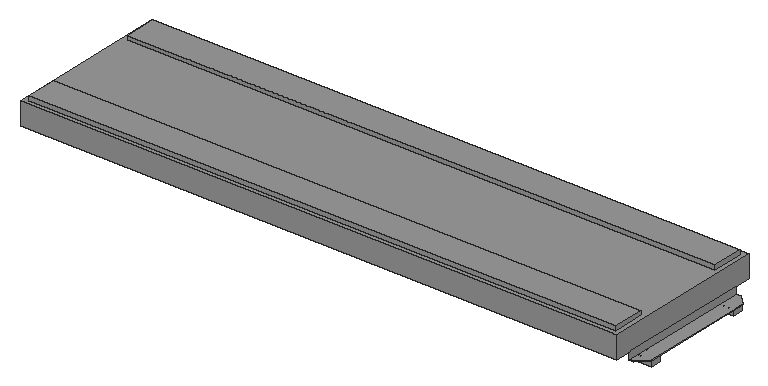
Revit family "44062", category Lighting Fixtures, host Face, Revit 2018
Family settings
  Host = Face
  Round Connector Dimension = Use Diameter
  Part Type = Normal
  OmniClass Number = 23.80.70.00
  OmniClass Title = Lighting
  Cut with Voids When Loaded = No
  Light Source = Yes
  Shared = No
  Room Calculation Point = No
Parameters (values of type "0044062 SPORTSBAY 12KLM 840 EM")
  box length = 1160 mm
  Width = 320 mm
  Weight = "n/a"
  Wattage Comments = ""
  Wattage = 9.2903 W
  WarrantyStartDate [instance] = "n/a"
  WarrantyGuarantorParts = "n/a"
  WarrantyDurationUnit = "n/a"
  WarrantyDurationParts = ""
  WarrantyDescription = "http://www.sylvania-lighting.com"
  built-in parameter 1150110 = 1 (stored number, unit not read)
  Voltage = 0 V
  URL = "0.96"
  TypeName = "Sportsbay 12klm 840 EM"
  Type Image = <None>
  Type Comments = "n/a"
  built-in parameter 1114217 = 1 (stored number, unit not read)
  Tilt Angle = -90.00°
  built-in parameter 1150109 = 1 (stored number, unit not read)
  built-in parameter 1150134 = 3
  built-in parameter 1150113 = 1 (stored number, unit not read)
  SerialNumber [instance] = "n/a"
  Photometric Web File = "0044062EM.IES"
  Material_3_SYL = none
  PowerFactor = 0
  PowerConsumption = "Lighting"
  NominalLength = 320 mm
  NominalHeight = 76 mm
  NominalDepth = 320 mm
  Name = "Sportsbay 12klm 840 EM"
  ModelReference = Name  # "Sportsbay 12klm 840 EM"
  ModelNumber = "0044062"
  Model = Name  # "Sportsbay 12klm 840 EM"
  Material = "Feilo Sylvania"
  ManufacturerName = "151 lm/W"
  Manufacturer = ""
  LuminousEfficacy = ""
  built-in parameter 1150105 = 109.82 (stored number, unit not read)
  Lumens = 1380 lm
  LuminaireType = "0"
  built-in parameter 1150115 = 1 (stored number, unit not read)
  LightOutputRatio = "LED"
  built-in parameter 1150137 = (empty or 0)
  built-in parameter 1150139 = (empty or 0)
  Length = 1220 mm
  LampsType = Lamp  # "n/a"
  LampNominalLuminous = "4000 K"
  LampMacAdamStep = "80"
  LampColourTemperature = "LED"
  LampColourRenderingIndex = "16500"
  built-in parameter 1150112 = 1 (stored number, unit not read)
  built-in parameter 1150114 = 1 (stored number, unit not read)
  Lamp = "n/a"
  Keynote = "n/a"
  InstallationDate [instance] = "n/a"
  InputVoltage = "0"
  InputNominalFrequency = "4000"
  built-in parameter 1150132 = (empty or 0)
  built-in parameter 1150102 = (empty or 0)
  built-in parameter 1150107 = 3200 (stored number, unit not read)
  built-in parameter 1150138 = (empty or 0)
  IngressProtection = "IfcLightFixtureType"
  ImpactProtectionIndex = "IfcLightFixtureType"
  built-in parameter 1150106 = 1.0982 (stored number, unit not read)
  IfcExportType = "IfcLightFixtureType"
  IfcExportAs = "Class I"
  Height = 76 mm
  Emit from Circle Diameter = 609.6 mm
  Emit Shape Visible in Rendering = no
  ElectricShockClassification = "151"
  built-in parameter 1150104 = 13.8 (stored number, unit not read)
  DocumentationLiterature = "http://www.sylvania-lighting.com/product/en-int/products/0044062"
  DimmingControlOptions = "n/a"
  Material_2_SYL = none
  Dimming Lamp Color Temperature Shift = <None>
  Description = ""
  Default Elevation = 1219.2 mm
  CreatedOn = "26/09/2023"
  CreatedBy = "@sylvania-lighting.com"
  Cost = 0
  Color Filter = 16777215
  built-in parameter 1114216 [instance] = (empty or 0)
  ClassificationValue = "EF_70_80"
  ClassificationName = "Uniclass2015"
  Material_1_SYL = none
  BarCode [instance] = "n/a"
  built-in parameter 1114218 = 1 (stored number, unit not read)
  built-in parameter 1150133 = 10 (stored number, unit not read)
  AssetType = "Fixed"
  AssetIdentifier [instance] = "n/a"
  Assembly Code = "D5020200"
  Apparent Load = 85 VA
  Material_4_SYL = none
Reference planes
  plane 1 "Center (Front/Back)": y = 0
  plane 2: z = 0
  plane 3 "Center (Left/Right)": x = 0
  plane 4: x = -610
  plane 5: x = 610
  plane 6: y = 160
  plane 7: y = -160
  plane 8: z = 76
  plane 9: z = 1
  plane 10: y = 130
  plane 11: y = -130
  plane 12: x = -580
  plane 13: x = -590
  plane 14: y = 110
  plane 15: y = -110
  plane 16: x = -590
  plane 17: x = -581
  plane 18: z = 11
  plane 19: z = 68
  plane 20: z = 25
  plane 21: x = 590
  plane 22: x = -608.5
  plane 23: y = 90
  plane 24: x = -583.5
  plane 25: x = -571
  plane 26: x = 571
  plane 27: y = 151
  plane 28: y = 90
Forms (mm)
  Extrusion 1, solid, material "Aluminum", detail levels medium+fine
    sketch origin (0, 0, 0) x (1, 0, 0) y (0, 1, 0)
      loop
        line (-590, 130) -> (-610, 110) -> (-610, -110) -> (-590, -130) -> (-580, -130) -> (-580, 130) -> (-590, 130)
    from 11 to 12
  Extrusion 2, solid, material "Aluminum", detail levels medium+fine
    sketch origin (0, 0, 0) x (1, 0, 0) y (0, 1, 0)
      loop
        line (-581, 130) -> (-581, -130) -> (-580, -130) -> (-580, 130) -> (-581, 130)
    from 11 to 25
  Extrusion 3, solid, material "Aluminum", detail levels medium+fine
    sketch origin (0, 0, 0) x (-1, 0, 0) y (0, -1, 0)
      loop
        line (-590, -130) -> (-580, -130) -> (-580, 130) -> (-590, 130) -> (-610, 110) -> (-610, -110) -> (-590, -130)
    from 11 to 12
  Extrusion 4, solid, material "Aluminum", detail levels medium+fine
    sketch origin (0, 0, 0) x (-1, 0, 0) y (0, -1, 0)
      loop
        line (-581, -130) -> (-580, -130) -> (-580, 130) -> (-581, 130) -> (-581, -130)
    from 11 to 25
  Extrusion 5, solid, material "Aluminum", detail levels medium+fine
    sketch origin (1524, -324.9, 1219.2) x (1, 0, 0) y (0, 0, 1)
      loop
        line (-943, -1151.2) -> (-2105, -1151.2) -> (-2105, -1194.2) -> (-943, -1194.2) -> (-943, -1151.2)
    from -484.9 to -164.9
  Extrusion 6, solid, material "Aluminum", detail levels medium+fine
    sketch origin (0, 0, 0) x (1, 0, 0) y (0, 1, 0)
      loop
        line (-608.5, 110) -> (-608.5, 90) -> (-583.5, 90) -> (-583.5, 110) -> (-608.5, 110)
    from 0 to 11
  Extrusion 7, solid, material "Aluminum", detail levels medium+fine
    sketch origin (0, 0, 0) x (1, 0, 0) y (0, 1, 0)
      loop
        line (-608.5, -110) -> (-583.5, -110) -> (-583.5, -90) -> (-608.5, -90) -> (-608.5, -110)
    from 0 to 11
  Extrusion 8, solid, material "Aluminum", detail levels medium+fine
    sketch origin (0, 0, 0) x (-1, 0, 0) y (0, -1, 0)
      loop
        line (-608.5, -110) -> (-583.5, -110) -> (-583.5, -90) -> (-608.5, -90) -> (-608.5, -110)
    from 0 to 11
  Extrusion 9, solid, material "Aluminum", detail levels medium+fine
    sketch origin (0, 0, 0) x (-1, 0, 0) y (0, -1, 0)
      loop
        line (-608.5, 110) -> (-608.5, 90) -> (-583.5, 90) -> (-583.5, 110) -> (-608.5, 110)
    from 0 to 11
  Extrusion 10, solid, material "Glass, White, High Luminance", detail levels fine
    sketch origin (0, 0, 0) x (1, 0, 0) y (0, 1, 0)
      loop
        line (-571, 151) -> (-571, 90) -> (571, 90) -> (571, 151) -> (-571, 151)
    from 68 to 76
  Extrusion 11, solid, material "Glass, White, High Luminance", detail levels fine
    sketch origin (0, 0, 0) x (1, 0, 0) y (0, 1, 0)
      loop
        line (-571, -151) -> (571, -151) -> (571, -90) -> (-571, -90) -> (-571, -151)
    from 68 to 76
  Extrusion 12, solid, detail levels coarse
    sketch origin (0, 0, 0) x (1, 0, 0) y (0, 1, 0)
      loop
        line (-610, 160) -> (-610, -160) -> (610, -160) -> (610, 160) -> (-610, 160)
    from 0 to 76
Dimensions and locks
  equal spacing: plane 4, plane 3 "Center (Left/Right)", plane 5
  equal spacing: plane 6, plane 1 "Center (Front/Back)", plane 7
  plane 3 "Center (Left/Right)" to Extrusion 5 = 581 mm
  "Length": plane 4 to plane 5
  "Width": plane 6 to plane 7
  "Height": plane 8 to level
  aligned and locked: plane 2 to host face
  aligned and locked: level to host face
Automatic sketch dimensions
  host sketch curve to host sketch curve = 2438.4 mm  (x2)
  Extrusion 1 sketch curve to plane 4 = 0 mm
  Extrusion 1 sketch curve to plane 10 = 0 mm
  Extrusion 1 sketch curve to plane 13 = 0 mm  (x2)
  Extrusion 1 sketch curve to plane 11 = 0 mm
  Extrusion 1 sketch curve to plane 12 = 0 mm
  Extrusion 1 sketch curve to plane 15 = 0 mm
  Extrusion 1 sketch curve to plane 14 = 0 mm
  Extrusion 2 sketch curve to plane 11 = 0 mm
  Extrusion 2 sketch curve to plane 17 = 0 mm
  Extrusion 2 sketch curve to plane 12 = 0 mm
  Extrusion 2 sketch curve to plane 10 = 0 mm
  Extrusion 3 sketch curve to plane 5 = 0 mm
  Extrusion 3 sketch curve to plane 10 = 0 mm
  Extrusion 3 sketch curve to plane 21 = 0 mm  (x2)
  Extrusion 3 sketch curve to plane 11 = 0 mm
  Extrusion 3 sketch curve to plane 15 = 0 mm
  Extrusion 3 sketch curve to plane 14 = 0 mm
  Extrusion 3 sketch curve to plane 26 = 9 mm
  Extrusion 4 sketch curve to plane 11 = 0 mm
  Extrusion 4 sketch curve to plane 10 = 0 mm
  plane 21 to Extrusion 4 sketch curve = 9 mm
  Extrusion 4 sketch curve to Extrusion 4 sketch curve = 1 mm
  Extrusion 5 sketch curve to plane 17 = 0 mm
  Extrusion 5 sketch curve to plane 20 = 0 mm
  Extrusion 5 sketch curve to plane 19 = 0 mm
  Extrusion 5 sketch curve to plane 21 = 9 mm
  Extrusion 6 sketch curve to plane 22 = 0 mm
  Extrusion 6 sketch curve to plane 23 = 0 mm
  Extrusion 6 sketch curve to plane 24 = 0 mm
  Extrusion 6 sketch curve to plane 14 = 0 mm
  Extrusion 7 sketch curve to plane 22 = 0 mm
  Extrusion 7 sketch curve to plane 24 = 0 mm
  Extrusion 7 sketch curve to plane 15 = 0 mm
  Extrusion 7 sketch curve to plane 15 = 20 mm
  plane 23 to Extrusion 8 sketch curve = 0 mm
  Extrusion 8 sketch curve to plane 14 = 0 mm
  plane 5 to Extrusion 8 sketch curve = 1.5 mm
  plane 21 to Extrusion 8 sketch curve = 6.5 mm
  Extrusion 9 sketch curve to plane 15 = 0 mm
  Extrusion 9 sketch curve to plane 5 = 1.5 mm
  Extrusion 9 sketch curve to plane 21 = 6.5 mm
  Extrusion 9 sketch curve to Extrusion 9 sketch curve = 20 mm
  Extrusion 10 sketch curve to plane 23 = 0 mm
  Extrusion 10 sketch curve to plane 25 = 0 mm
  Extrusion 10 sketch curve to plane 26 = 0 mm
  Extrusion 10 sketch curve to plane 27 = 0 mm
  Extrusion 11 sketch curve to plane 25 = 0 mm
  Extrusion 11 sketch curve to plane 26 = 0 mm
  Extrusion 11 sketch curve to plane 15 = 20 mm
  Extrusion 11 sketch curve to plane 7 = 9 mm
  Extrusion 12 sketch curve to plane 4 = 0 mm
  Extrusion 12 sketch curve to plane 5 = 0 mm
  Extrusion 12 sketch curve to plane 7 = 0 mm
  Extrusion 12 sketch curve to plane 6 = 0 mm
Connectors
  electrical at (0, 0, 0), driven by "Apparent Load", driven by "PowerFactor", driven by "Voltage"
    settings: index 1, voltage 0 V, apparent load 85 VA, apparent load phase1 0 VA, apparent load phase2 0 VA, apparent load phase3 0 VA, power factor 0, load classification "Lighting", number of poles 1, system type 30, power factor state 1, is connector primary yes, connector utility no, sub classification motor no, connector description ""
